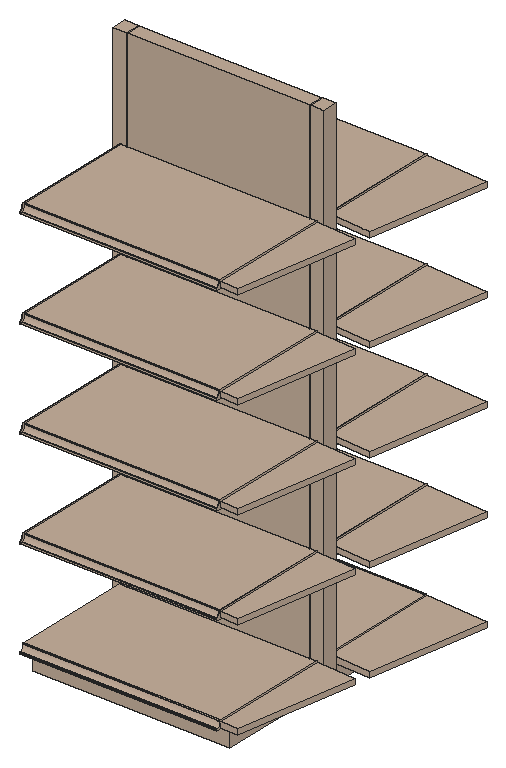
Revit family "ML21 - 10 Degree Angle", category Generic Models, Revit 2012 (continued)
Definition of nested family "ML1"
  Automatic sketch dimensions
    Extrusion 20 sketch curve to Extrusion 20 sketch curve = 0' - 0 5/8"
    Extrusion 20 sketch curve to Extrusion 20 sketch curve = 0' - 0 1/8"  (x2)
    plane 9 "2nd shelf" to Extrusion 20 sketch curve = 0' - 0 1/8"
    Extrusion 20 sketch curve to Extrusion 20 sketch curve = 0' - 0 1/4"
    Extrusion 21 sketch curve to plane 18 = 0' - 0"
    Extrusion 21 sketch curve to plane 9 "2nd shelf" = 0' - 0"
    Extrusion 21 sketch curve to plane 4 = 0' - 0"
    plane 9 "2nd shelf" to Extrusion 21 sketch curve = 0' - 0.22784"
    Extrusion 21 sketch curve to plane 18 = 0' - 1.11011"
    plane 18 to Extrusion 21 sketch curve = 0' - 0 5/8"
    Extrusion 21 sketch curve to Extrusion 21 sketch curve = 0' - 0 1/8"  (x2)
    Extrusion 21 sketch curve to Extrusion 21 sketch curve = 0' - 0 7/8"
    Extrusion 21 sketch curve to Extrusion 21 sketch curve = 0' - 0 3/4"
    Extrusion 21 sketch curve to Extrusion 21 sketch curve = 0' - 0 1/4"  (x2)
    Extrusion 21 sketch curve to plane 9 "2nd shelf" = 0' - 0 1/2"  (x2)
    Extrusion 21 sketch curve to Extrusion 21 sketch curve = 0' - 2"
    plane 4 to Extrusion 21 sketch curve = 0' - 1 1/8"
    Extrusion 21 sketch curve to Extrusion 21 sketch curve = 0' - 0"
    Extrusion 21 sketch curve to Extrusion 21 sketch curve = 0' - 2 1/4"
    Extrusion 21 sketch curve to plane 9 "2nd shelf" = 0' - 0 5/8"
    Extrusion 22 sketch curve to plane 18 = 0' - 0"
    Extrusion 22 sketch curve to plane 10 "3rd shelf" = 0' - 0"
    Extrusion 22 sketch curve to plane 4 = 0' - 0"
    Extrusion 22 sketch curve to plane 10 "3rd shelf" = 0' - 0.22784"
    plane 18 to Extrusion 22 sketch curve = 0' - 1.11011"
    Extrusion 22 sketch curve to plane 18 = 0' - 0 5/8"
    Extrusion 22 sketch curve to Extrusion 22 sketch curve = 0' - 0 1/8"  (x2)
    Extrusion 22 sketch curve to Extrusion 22 sketch curve = 0' - 0 7/8"
    Extrusion 22 sketch curve to Extrusion 22 sketch curve = 0' - 0 3/4"
    Extrusion 22 sketch curve to Extrusion 22 sketch curve = 0' - 0 1/4"  (x2)
    plane 10 "3rd shelf" to Extrusion 22 sketch curve = 0' - 0 1/2"  (x2)
    Extrusion 22 sketch curve to Extrusion 22 sketch curve = 0' - 2"
    Extrusion 22 sketch curve to plane 4 = 0' - 1 1/8"
    Extrusion 22 sketch curve to Extrusion 22 sketch curve = 0' - 0"
    Extrusion 22 sketch curve to Extrusion 22 sketch curve = 0' - 2 1/4"
    plane 10 "3rd shelf" to Extrusion 22 sketch curve = 0' - 0 5/8"
    Extrusion 23 sketch curve to plane 18 = 0' - 0"
    Extrusion 23 sketch curve to plane 10 "3rd shelf" = 0' - 0"
    Extrusion 23 sketch curve to plane 4 = 0' - 0"
    Extrusion 23 sketch curve to plane 10 "3rd shelf" = 0' - 0.10284"
    plane 18 to Extrusion 23 sketch curve = 0' - 0.86011"
    Extrusion 23 sketch curve to plane 18 = 0' - 0 1/4"
    Extrusion 23 sketch curve to plane 18 = 0' - 0 3/4"
    Extrusion 23 sketch curve to Extrusion 23 sketch curve = 0' - 0 5/8"
    Extrusion 23 sketch curve to Extrusion 23 sketch curve = 0' - 0 1/8"  (x2)
    plane 10 "3rd shelf" to Extrusion 23 sketch curve = 0' - 0 1/8"
    Extrusion 23 sketch curve to Extrusion 23 sketch curve = 0' - 0 1/4"
    Extrusion 24 sketch curve to plane 18 = 0' - 0"
    Extrusion 24 sketch curve to plane 10 "3rd shelf" = 0' - 0"
    Extrusion 24 sketch curve to plane 4 = 0' - 0"
    plane 10 "3rd shelf" to Extrusion 24 sketch curve = 0' - 0.22784"
    Extrusion 24 sketch curve to plane 18 = 0' - 1.11011"
    plane 18 to Extrusion 24 sketch curve = 0' - 0 5/8"
    Extrusion 24 sketch curve to Extrusion 24 sketch curve = 0' - 0 1/8"  (x2)
    Extrusion 24 sketch curve to Extrusion 24 sketch curve = 0' - 0 7/8"
    Extrusion 24 sketch curve to Extrusion 24 sketch curve = 0' - 0 3/4"
    Extrusion 24 sketch curve to Extrusion 24 sketch curve = 0' - 0 1/4"  (x2)
    Extrusion 24 sketch curve to plane 10 "3rd shelf" = 0' - 0 1/2"  (x2)
    Extrusion 24 sketch curve to Extrusion 24 sketch curve = 0' - 2"
    plane 4 to Extrusion 24 sketch curve = 0' - 1 1/8"
    Extrusion 24 sketch curve to Extrusion 24 sketch curve = 0' - 0"
    Extrusion 24 sketch curve to Extrusion 24 sketch curve = 0' - 2 1/4"
    Extrusion 24 sketch curve to plane 10 "3rd shelf" = 0' - 0 5/8"
    Extrusion 25 sketch curve to plane 18 = 0' - 0"
    Extrusion 25 sketch curve to plane 11 "4th shelf" = 0' - 0"
    Extrusion 25 sketch curve to plane 4 = 0' - 0"
    Extrusion 25 sketch curve to plane 11 "4th shelf" = 0' - 0.22784"
    plane 18 to Extrusion 25 sketch curve = 0' - 1.11011"
    Extrusion 25 sketch curve to plane 18 = 0' - 0 5/8"
    Extrusion 25 sketch curve to Extrusion 25 sketch curve = 0' - 0 1/8"  (x2)
    Extrusion 25 sketch curve to plane 18 = 0' - 0 7/8"
    Extrusion 25 sketch curve to Extrusion 25 sketch curve = 0' - 0 3/4"
    Extrusion 25 sketch curve to Extrusion 25 sketch curve = 0' - 0 1/4"  (x2)
    plane 11 "4th shelf" to Extrusion 25 sketch curve = 0' - 0 1/2"  (x2)
    Extrusion 25 sketch curve to Extrusion 25 sketch curve = 0' - 2"
    Extrusion 25 sketch curve to plane 4 = 0' - 1 1/8"
    Extrusion 25 sketch curve to Extrusion 25 sketch curve = 0' - 0"
    Extrusion 25 sketch curve to Extrusion 25 sketch curve = 0' - 2 1/4"
    plane 11 "4th shelf" to Extrusion 25 sketch curve = 0' - 0 5/8"
    Extrusion 26 sketch curve to plane 18 = 0' - 0"
    Extrusion 26 sketch curve to plane 11 "4th shelf" = 0' - 0"
    Extrusion 26 sketch curve to plane 4 = 0' - 0"
    Extrusion 26 sketch curve to plane 11 "4th shelf" = 0' - 0.10284"
    plane 18 to Extrusion 26 sketch curve = 0' - 0.86011"
    Extrusion 26 sketch curve to plane 18 = 0' - 0 1/4"
    Extrusion 26 sketch curve to plane 18 = 0' - 0 3/4"
    Extrusion 26 sketch curve to Extrusion 26 sketch curve = 0' - 0 5/8"
    Extrusion 26 sketch curve to Extrusion 26 sketch curve = 0' - 0 1/8"  (x2)
    plane 11 "4th shelf" to Extrusion 26 sketch curve = 0' - 0 1/8"
    Extrusion 26 sketch curve to Extrusion 26 sketch curve = 0' - 0 1/4"
    Extrusion 27 sketch curve to plane 18 = 0' - 0"
    Extrusion 27 sketch curve to plane 11 "4th shelf" = 0' - 0"
    Extrusion 27 sketch curve to plane 4 = 0' - 0"
    plane 11 "4th shelf" to Extrusion 27 sketch curve = 0' - 0.22784"
    Extrusion 27 sketch curve to plane 18 = 0' - 1.11011"
    plane 18 to Extrusion 27 sketch curve = 0' - 0 5/8"
    Extrusion 27 sketch curve to Extrusion 27 sketch curve = 0' - 0 1/8"  (x2)
    plane 18 to Extrusion 27 sketch curve = 0' - 0 7/8"
    Extrusion 27 sketch curve to Extrusion 27 sketch curve = 0' - 0 3/4"
    Extrusion 27 sketch curve to Extrusion 27 sketch curve = 0' - 0 1/4"  (x2)
    Extrusion 27 sketch curve to plane 11 "4th shelf" = 0' - 0 1/2"  (x2)
    Extrusion 27 sketch curve to Extrusion 27 sketch curve = 0' - 2"
    plane 4 to Extrusion 27 sketch curve = 0' - 1 1/8"
    Extrusion 27 sketch curve to Extrusion 27 sketch curve = 0' - 0"
    Extrusion 27 sketch curve to Extrusion 27 sketch curve = 0' - 2 1/4"
    Extrusion 27 sketch curve to plane 11 "4th shelf" = 0' - 0 5/8"
    Extrusion 1 sketch curve to level = 0' - 0"
    Extrusion 1 sketch curve to plane 6 = 0' - 0"  (x2)
    plane 13 to Extrusion 1 sketch curve = 0' - 0"
    plane 6 to Extrusion 1 sketch curve = 0' - 0"
    plane 14 to Extrusion 1 sketch curve = 0' - 0"
    plane 13 to Extrusion 1 sketch curve = 0' - 1 1/4"
    plane 15 to Extrusion 1 sketch curve = 0' - 1 1/8"  (x2)
    Extrusion 1 sketch curve to Extrusion 1 sketch curve = 0' - 0.0315"
    plane 16 to Extrusion 1 sketch curve = 0' - 1.15576"
    level to Extrusion 1 sketch curve = 0' - 0 1/32"  (x2)
    Extrusion 1 sketch curve to Extrusion 1 sketch curve = 0' - 0.03076"
    Extrusion 1 sketch curve to plane 14 = 0' - 1 1/4"
    Extrusion 1 to Split face 1 sketch curve = 0' - 0"
    Split face 1 sketch curve to Extrusion 1 = 0' - 0"  (x4)
    Extrusion 1 to Split face 2 sketch curve = 0' - 0"
    Split face 2 sketch curve to Extrusion 1 = 0' - 0"  (x4)
    radius of Extrusion 3 sketch curve = 0' - 0 1/8"  (x2)
    radius of Extrusion 5 sketch curve = 0' - 0 1/8"  (x2)
    radius of Extrusion 6 sketch curve = 0' - 0 1/8"  (x2)
    radius of Extrusion 8 sketch curve = 0' - 0 1/8"  (x2)
    radius of Extrusion 9 sketch curve = 0' - 0 1/8"  (x2)
    radius of Extrusion 11 sketch curve = 0' - 0 1/8"  (x2)
    radius of Extrusion 12 sketch curve = 0' - 0 1/8"  (x2)
    radius of Extrusion 14 sketch curve = 0' - 0 1/8"  (x2)
    radius of Extrusion 16 sketch curve = 0' - 0 1/8"  (x2)
    radius of Extrusion 18 sketch curve = 0' - 0 1/8"  (x2)
    radius of Extrusion 19 sketch curve = 0' - 0 1/8"  (x2)
    radius of Extrusion 21 sketch curve = 0' - 0 1/8"  (x2)
    radius of Extrusion 22 sketch curve = 0' - 0 1/8"  (x2)
    radius of Extrusion 24 sketch curve = 0' - 0 1/8"  (x2)
    radius of Extrusion 25 sketch curve = 0' - 0 1/8"  (x2)
    radius of Extrusion 27 sketch curve = 0' - 0 1/8"  (x2)
Types (3): name | Width | 4' Front Spacer 6'-6" | 4' Front Spacer 5' | 4' Front Spacer 3'-6" | 4' Front Spacer 2' | 4' Front Base Spacer | 4' Back Spacer 6'-6" | 4' Back Spacer 5' | 4' Back Spacer 3'-6" | 4' Back Spacer 2' | 4' Back Base Spacer | 3' Front Spacer 3'-6" | 3' Front Spacer 6'-6" | 3' Front Spacer 5' | 3' Front Spacer 2' | 3' Front Base Spacer | 3' Back Spacer 6'-6" | 3' Back Spacer 5' | 3' Back Spacer 3'-6" | 3' Back Spacer 2' | 3' Back Base Spacer
  ML21 | 3' - 0" | no | no | no | no | no | no | no | no | no | no | no | no | no | no | no | no | no | no | no | no
  ML21 - 3' | 3' - 0" | no | no | no | no | no | no | no | no | no | no | yes | yes | yes | yes | yes | yes | yes | yes | yes | yes
  ML21 - 4' | 4' - 0" | yes | yes | yes | yes | yes | yes | yes | yes | yes | yes | no | no | no | no | no | no | no | no | no | no
